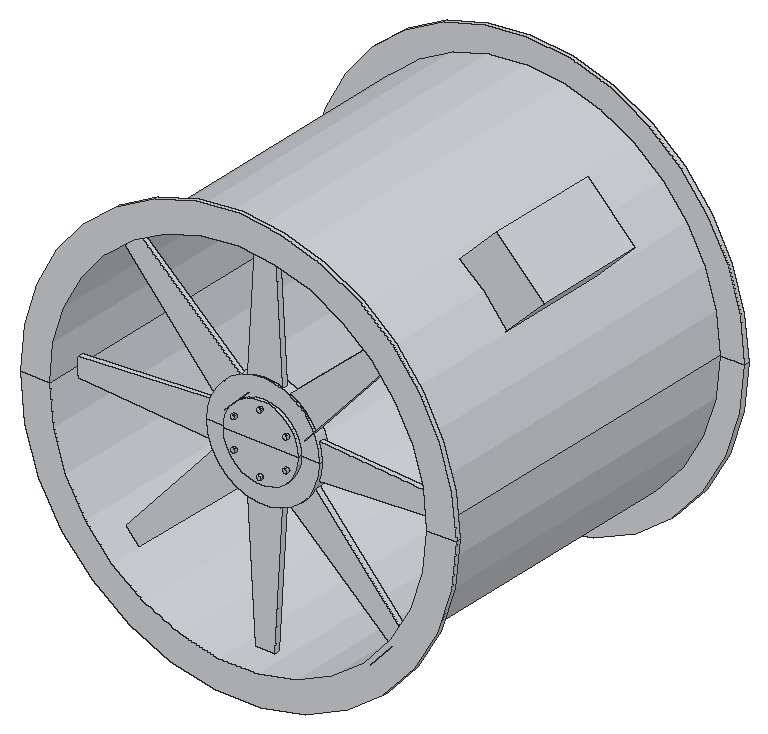
Revit family "CADS_Vent-Axia_MechEquip_Fan_LCA_450_3Ph4P - SUPPLY", category Mechanical Equipment, Revit 2020
Family settings
  Round Connector Dimension = Use Diameter
  Part Type = Normal
  OmniClass Number = 23.75.00.00
  OmniClass Title = Climate Control (HVAC)
  Work Plane-Based = No
  Always vertical = Yes
  Cut with Voids When Loaded = No
  Shared = No
  Room Calculation Point = No
Parameters (values of type "LCA453410")
  nr = NominalDiameter / 2  # 225 mm
  WorkingPressure = 0.0 Pa
  WarrantyStartDate [instance] = "1900-12-31T23:59:59"
  WarrantyPeriod = ""
  WarrantyIdentifier = "N/A"
  WarrantyGuarantorParts = "tech@vent-axia.com"
  WarrantyGuarantorLabor = "tech@vent-axia.com"
  WarrantyGuarantor = "Vent-Axia Limited"
  WarrantyEndDate [instance] = "1900-12-31T23:59:59"
  WarrantyContent = ""
  TemperatureRange = ""
  TagNumber [instance] = "N/A"
  SustainabilityPerformance = ""
  Status = "New"
  Size = ""
  Shape = ""
  ServiceLifeType = ""
  ServiceLifeDuration = ""
  SerialNumber [instance] = "N/A"
  ReplacementCost = ""
  RatedVoltage = 0 V
  RatedCurrent = 0 A
  Quantity = 1
  ProductionYear = ""
  PressureCurve = ""
  PowerFactor = ""
  PointOfContact = ""
  NumberOfPoles = 0
  NominalWidth = 450 mm
  NominalLength = 435 mm
  NominalHeight = 450 mm
  NominalFrequencyRange = ""
  NominalDiameter = 450 mm
  ModelReference = "LCAX 450mm 3PH 4P 10DEG"
  ModelNumber = "LCA453410"
  Material = ""
  ManufacturerE-Mail = "tech@vent-axia.com"
  ManufacturerAddress = "Fleming Way\nCrawley \nRH10 9YX"
  IsExtendedWarranty = no
  InsulationStandardClass = ""
  InstallationDate [instance] = "1900-12-31T23:59:59"
  IfcExportType [instance] = ""
  IfcExportAs = "IfcFanType"
  IP_Code = ""
  HasProtectiveEarth = no
  GrossWeight = 0.00 kg
  Grade = ""
  GlobalTradeItemNumber [instance] = "N/A"
  Fitting Type = "Ignore"
  Finish = ""
  Features = ""
  ExteriorInsulation = no
  ExpectedServiceLife = 0
  Exclusions = ""
  DurationUnit = "Year"
  Default Elevation = 0 mm
  Constituents = ""
  ConductorFunction = ""
  Color = ""
  CodePerformance = ""
  Category = ""
  CADS_Usage = 0
  CADS_Index = 0
  AssetType = "FIXED"
  AssetIdentifier [instance] = "N/A"
  AssemblyPlace = "UNKNOWN"
  ArticleNumber [instance] = "N/A"
  AirflowRateRange = 0.0 L/s
  Air Flow [instance] = 0.0 L/s
  AccessibilityPerformance = ""
Types (16, lengths in mm): name | ModelReference | ModelNumber
  LCA453410 | "LCAX 450mm 3PH 4P 10DEG" | "LCA453410"
  LCA453412 | "LCAX 450mm 3PH 4P 12DEG" | "LCA453412"
  LCA453414 | "LCAX 450mm 3PH 4P 14DEG" | "LCA453414"
  LCA453416 | "LCAX 450mm 3PH 4P 16DEG" | "LCA453416"
  LCA453418 | "LCAX 450mm 3PH 4P 18DEG" | "LCA453418"
  LCA453420 | "LCAX 450mm 3PH 4P 20DEG" | "LCA453420"
  LCA453422 | "LCAX 450mm 3PH 4P 22DEG" | "LCA453422"
  LCA453424 | "LCAX 450mm 3PH 4P 24DEG" | "LCA453424"
  LCA453426 | "LCAX 450mm 3PH 4P 26DEG" | "LCA453426"
  LCA453428 | "LCAX 450mm 3PH 4P 28DEG" | "LCA453428"
  LCA453430 | "LCAX 450mm 3PH 4P 30DEG" | "LCA453430"
  LCA453432 | "LCAX 450mm 3PH 4P 32DEG" | "LCA453432"
  LCA453434 | "LCAX 450mm 3PH 4P 34DEG" | "LCA453434"
  LCA453436 | "LCAX 450mm 3PH 4P 36DEG" | "LCA453436"
  LCA453438 | "LCAX 450mm 3PH 4P 38DEG" | "LCA453438"
  LCA453440 | "LCAX 450mm 3PH 4P 40DEG" | "LCA453440"
Reference planes
  plane 1 "Center (Front/Back)": y = 0
  plane 2: z = 0
  plane 3 "Center (Left/Right)": x = 0
  plane 4: x = -225
  plane 5: x = 225
  plane 6 "F": y = -217.5
  plane 7 "B": y = 217.5
  plane 8: x = -260
  plane 9: y = 212.5
  plane 10: y = -212.5
  plane 11: x = -230
  plane 12: y = -177.5
  plane 13 "top": z = 225
  plane 14: z = -225
  plane 15 "45deg": through (0, -1524, 0) normal (-0.7071, 0, -0.7071)
  plane 16 "C": through (0, -1524, 0) normal (-0.7071, 0, 0.7071)
Forms (mm)
  Revolve 1, solid
    sketch origin (0, 0, 0) x (1, 0, 0) y (0, 1, 0)
      loop
        line (-260, -217.5) -> (-225, -217.5) -> (-225, 217.5) -> (-260, 217.5) -> (-260, 212.5) -> (-230, 212.5) -> (-230, -212.5) -> (-260, -212.5) -> (-260, -217.5)
      axis (0, 217.5) -> (0, -217.5)
    angle from 0 to 360
  Sweep 2, solid
    path origin (0, 0, 0) x (1, 0, 0) y (0, 0, 1)
      loop
        line (159.099, 159.099) -> (205.061, 205.061)
    profile origin (182.08, 0, 182.08) x (-0.707107, 0, 0.707107) y (0, -1, 0)
      loop
        line (37.5, 55) -> (-42.73, 55) -> (-42.73, -79.5) -> (37.5, -79.5) -> (37.5, 55)
Dimensions and locks
  equal spacing: plane 4, plane 3 "Center (Left/Right)", plane 5
  equal spacing: plane 7 "B", plane 1 "Center (Front/Back)", plane 6 "F"
  "NominalLength": plane 7 "B" to plane 6 "F"
  "NominalDiameter": plane 4 to plane 5
  locked: plane 11 to plane 4 at 5
  locked: plane 8 to plane 11 at 30
  locked: plane 6 "F" to plane 10 at 5
  locked: plane 7 "B" to plane 9 at 5
  locked: plane 6 "F" to plane 12 at 40
  equal spacing: plane 13 "top", level, plane 14
  "NominalDiameter": plane 13 "top" to plane 14
  "nr": Sweep 2 sketch curve to nested 13
  Sweep 2 sketch curve to Sweep 2 sketch curve = 65 mm
  aligned and locked: level to plane 2
  aligned and locked: nested 1 to plane 12
Automatic sketch dimensions
  plane 6 "F" to Revolve 1 sketch curve = 0 mm
  Revolve 1 sketch curve to plane 8 = 0 mm  (x2)
  plane 10 to Revolve 1 sketch curve = 0 mm
  Revolve 1 sketch curve to plane 11 = 0 mm
  Revolve 1 sketch curve to plane 4 = 0 mm
  Revolve 1 sketch curve to plane 3 "Center (Left/Right)" = 0 mm
  plane 1 "Center (Front/Back)" to Revolve 1 sketch curve = 0 mm
  Revolve 1 sketch curve to plane 9 = 0 mm
  Revolve 1 sketch curve to plane 7 "B" = 0 mm
  plane 6 "F" to Revolve 1 sketch curve = 115 mm
  plane 1 "Center (Front/Back)" to Sweep 2 sketch curve = 55 mm
  Sweep 2 sketch curve to profile plane = 37.5 mm
  Sweep 2 sketch curve to Sweep 2 sketch curve = 80.23 mm
  Sweep 2 sketch curve to Sweep 2 sketch curve = 134.5 mm
  Sweep 2 sketch curve to plane 16 "C" = 0 mm  (x2)
Nested families
  nested 1: "Fan for ESC" at (0, -177.5, 0), ND <- "NominalDiameter", type "Fan for ESC"
    with hub 45 mm, ND 450 mm, BoltPCD 36 mm, Bolt Count 6, B_Diam 5 mm
  nested 2: "Bolts" at (31.177, -186.672, -18) x (-0.5, 0, -0.866) z (0, 1, 0), type "Bolts"
    with bd 5 mm
  nested 3: "Bolts" at (0, -186.672, -36) x (-1, 0, 0) z (0, 1, 0), type "Bolts"
    with bd 5 mm
  nested 4: "Bolts" at (-31.177, -186.672, -18) x (-0.5, 0, 0.866) z (0, 1, 0), type "Bolts"
    with bd 5 mm
  nested 5: "Bolts" at (-31.177, -186.672, 18) x (0.5, 0, 0.866) z (0, 1, 0), type "Bolts"
    with bd 5 mm
  nested 6: "Bolts" at (31.177, -186.672, 18) x (0.5, 0, -0.866) z (0, 1, 0), type "Bolts"
    with bd 5 mm
  nested 7: "Bolts" at (0, -186.672, 36) x (1, 0, 0) z (0, 1, 0), type "Bolts"
    with bd 5 mm
  nested 8: "ESC Blade" at (0, -177.5, 0), type "ESC Blade"
    with a 20.00°, HR 45 mm, HD 90 mm, BT 22.5 mm, BR 180 mm, BH 40 mm, BD 450 mm, BB 45 mm
  nested 9: "ESC Blade" at (0, -177.5, 0) x (0.7071, 0, -0.7071) z (0.7071, 0, 0.7071), type "ESC Blade"
    with a 20.00°, HR 45 mm, HD 90 mm, BT 22.5 mm, BR 180 mm, BH 40 mm, BD 450 mm, BB 45 mm
  nested 10: "ESC Blade" at (0, -177.5, 0) x (0, 0, -1) z (1, 0, 0), type "ESC Blade"
    with a 20.00°, HR 45 mm, HD 90 mm, BT 22.5 mm, BR 180 mm, BH 40 mm, BD 450 mm, BB 45 mm
  nested 11: "ESC Blade" at (0, -177.5, 0) x (-0.7071, 0, -0.7071) z (0.7071, 0, -0.7071), type "ESC Blade"
    with a 20.00°, HR 45 mm, HD 90 mm, BT 22.5 mm, BR 180 mm, BH 40 mm, BD 450 mm, BB 45 mm
  nested 12: "ESC Blade" at (0, -177.5, 0) x (-1, 0, 0) z (0, 0, -1), type "ESC Blade"
    with a 20.00°, HR 45 mm, HD 90 mm, BT 22.5 mm, BR 180 mm, BH 40 mm, BD 450 mm, BB 45 mm
  nested 13: "ESC Blade" at (0, -177.5, 0) x (-0.7071, 0, -0.7071) z (-0.7071, 0, 0.7071), type "ESC Blade"
    with a 20.00°, HR 45 mm, HD 90 mm, BT 22.5 mm, BR 180 mm, BH 40 mm, BD 450 mm, BB 45 mm
  nested 14: "ESC Blade" at (0, -177.5, 0) x (0, 0, -1) z (-1, 0, 0), type "ESC Blade"
    with a 20.00°, HR 45 mm, HD 90 mm, BT 22.5 mm, BR 180 mm, BH 40 mm, BD 450 mm, BB 45 mm
  nested 15: "ESC Blade" at (0, -177.5, 0) x (0.7071, 0, -0.7071) z (-0.7071, 0, -0.7071), type "ESC Blade"
    with a 20.00°, HR 45 mm, HD 90 mm, BT 22.5 mm, BR 180 mm, BH 40 mm, BD 450 mm, BB 45 mm
Connectors
  hvac at (0, -217.5, 0), driven by "NominalDiameter", driven by "Air Flow"
    settings: on Revolve 1, index 1, duct flow 0.0 L/s, flow factor 0, pres drop 0.0 Pa, loss coef 0, conn angle 0.00°, conn width 304.8 mm, conn height 304.8 mm, conn diameter 450 mm, duct sys type 1, conn prof type 0, flow config 1, flow direction 1, loss method 0, conn ref index -1, conn util no, is conn primary yes, conn desc ""
  hvac at (0, 217.5, 0), driven by "NominalDiameter", driven by "Air Flow"
    settings: on Revolve 1, index 2, duct flow 0.0 L/s, flow factor 0, pres drop 0.0 Pa, loss coef 0, conn angle 0.00°, conn width 304.8 mm, conn height 304.8 mm, conn diameter 450 mm, duct sys type 1, conn prof type 0, flow config 0, flow direction 2, loss method 0, conn ref index -1, conn util no, is conn primary no, conn desc ""
Definition of nested family "Fan for ESC"
  Parameters (values of type "Fan for ESC")
    hub [instance] = ND / 10  # 56.7 mm
    ND [instance] = 567 mm
    Model = "."
    Default Elevation = 0 mm
    BoltPCD [instance] = hub - (hub * 0.2)  # 45.36 mm
    Bolt Count [instance] = if(hub < 50 mm, 6, 8)  # 8
    B_Diam [instance] = if(hub < 50 mm, 5 mm, 10 mm)  # 10 mm
  Reference planes
    plane 1 "Center (Front/Back)": y = 0
    plane 2: z = 0
    plane 3 "Center (Left/Right)": x = 0
    plane 4 "back": y = 20
    plane 5 "bolts": y = -9.172
    plane 6 "B": z = 56.7
    plane 7: x = -79.287
    plane 8: x = -56.7
    plane 9 "hubface": y = -6.172
  Forms (mm)
    Revolve 1, solid
      sketch origin (0, 0, 0) x (1, 0, 0) y (0, 1, 0)
        loop
          line (0, 20) -> (-56.7, 20) -> (-56.7, 10.504) -> (-79.287, 10.504) -> (-79.287, -2.597) -> (-56.7, -2.597) -> (-56.7, -6.172) -> (0, -6.172) -> (0, 20)
        axis (0, 20) -> (0, -6.172)
      angle from 0 to 360
    Extrusion 2, solid, not visible
      sketch origin (0, -6.347, -4) x (-1, 0, 0) y (0, 0, 1)
        loop
          circle (0, 84) r 5
      from 0 to 3
  Lines and regions (mm)
    symbolic lines
      curve 1: circle (0, -9.172, 0) r 45.36 normal (0, 1, 0)
    model lines, not visible
      curve 2: line (0, -6.347, 85) -> (0, -6.347, 75)
  Dimensions and locks
    "hub": plane 6 "B" to plane 2
    "hub": nested 3 to plane 3 "Center (Left/Right)"
    "hub": nested 4 to plane 3 "Center (Left/Right)"
    "hub": nested 5 to plane 3 "Center (Left/Right)"
    "hub": plane 3 "Center (Left/Right)" to nested 6
    "hub": Revolve 1 sketch curve to Revolve 1 sketch curve
    "hub": plane 3 "Center (Left/Right)" to nested 7
    "hub": plane 3 "Center (Left/Right)" to nested 8
    "hub": plane 3 "Center (Left/Right)" to nested 9
    "hub": plane 8 to plane 3 "Center (Left/Right)"
    plane 7 to plane 8 = 22.587 mm
    diameter of Extrusion 2 sketch curve = 10 mm
    "BoltPCD": radius of curve 1
    "BoltPCD": radius of radial array
    aligned and locked: level to plane 2
    aligned and locked: plane 6 "B" to nested 1
  Automatic sketch dimensions
    Revolve 1 sketch curve to plane 7 = 0 mm
    Revolve 1 sketch curve to plane 8 = 0 mm  (x2)
    Revolve 1 sketch curve to plane 3 "Center (Left/Right)" = 0 mm
    Revolve 1 sketch curve to plane 9 "hubface" = 0 mm
    plane 4 "back" to Revolve 1 sketch curve = 0 mm
    plane 1 "Center (Front/Back)" to Revolve 1 sketch curve = 2.597 mm
    plane 4 "back" to Revolve 1 sketch curve = 9.496 mm
    Revolve 1 sketch curve to Revolve 1 sketch curve = 5 mm
    Revolve 1 sketch curve to plane 4 "back" = 45 mm
    curve 1 to level = 0 mm
    curve 1 to plane 3 "Center (Left/Right)" = 0 mm
  Nested families
    nested 1: "ESC Blade" at (0, 0, 0), BD <- "ND", HD <- "hub", type "ESC Blade"
      with a 20.00°, HR 56.7 mm, HD 113.4 mm, BT 28.35 mm, BR 226.8 mm, BH 40 mm, BD 567 mm, BB 56.7 mm
    nested 2: "ESC Blade" at (0, 0, 755), BD <- "ND", HD <- "hub", type "ESC Blade", not visible
      with a 20.00°, HR 56.7 mm, HD 113.4 mm, BT 28.35 mm, BR 226.8 mm, BH 40 mm, BD 567 mm, BB 56.7 mm
    nested 3: "ESC Blade" at (0, 0, 0) x (0.7071, 0, -0.7071) z (0.7071, 0, 0.7071), BD <- "ND", HD <- "hub", type "ESC Blade"
      with a 20.00°, HR 56.7 mm, HD 113.4 mm, BT 28.35 mm, BR 226.8 mm, BH 40 mm, BD 567 mm, BB 56.7 mm
    nested 4: "ESC Blade" at (0, 0, 0) x (0, 0, -1) z (1, 0, 0), BD <- "ND", HD <- "hub", type "ESC Blade"
      with a 20.00°, HR 56.7 mm, HD 113.4 mm, BT 28.35 mm, BR 226.8 mm, BH 40 mm, BD 567 mm, BB 56.7 mm
    nested 5: "ESC Blade" at (0, 0, 0) x (-0.7071, 0, -0.7071) z (0.7071, 0, -0.7071), BD <- "ND", HD <- "hub", type "ESC Blade"
      with a 20.00°, HR 56.7 mm, HD 113.4 mm, BT 28.35 mm, BR 226.8 mm, BH 40 mm, BD 567 mm, BB 56.7 mm
    nested 6: "ESC Blade" at (0, 0, 0) x (-1, 0, 0) z (0, 0, -1), BD <- "ND", HD <- "hub", type "ESC Blade"
      with a 20.00°, HR 56.7 mm, HD 113.4 mm, BT 28.35 mm, BR 226.8 mm, BH 40 mm, BD 567 mm, BB 56.7 mm
    nested 7: "ESC Blade" at (0, 0, 0) x (-0.7071, 0, -0.7071) z (-0.7071, 0, 0.7071), BD <- "ND", HD <- "hub", type "ESC Blade"
      with a 20.00°, HR 56.7 mm, HD 113.4 mm, BT 28.35 mm, BR 226.8 mm, BH 40 mm, BD 567 mm, BB 56.7 mm
    nested 8: "ESC Blade" at (0, 0, 0) x (0, 0, -1) z (-1, 0, 0), BD <- "ND", HD <- "hub", type "ESC Blade"
      with a 20.00°, HR 56.7 mm, HD 113.4 mm, BT 28.35 mm, BR 226.8 mm, BH 40 mm, BD 567 mm, BB 56.7 mm
    nested 9: "ESC Blade" at (0, 0, 0) x (0.7071, 0, -0.7071) z (-0.7071, 0, -0.7071), BD <- "ND", HD <- "hub", type "ESC Blade"
      with a 20.00°, HR 56.7 mm, HD 113.4 mm, BT 28.35 mm, BR 226.8 mm, BH 40 mm, BD 567 mm, BB 56.7 mm
    nested 10: "Bolts" at (0, -9.172, 45.36) x (1, 0, 0) z (0, 1, 0), bd <- "B_Diam", type "Bolts"
      with bd 10 mm
    nested 11: "Bolts" at (32.074, -9.172, 32.074) x (0.7071, 0, -0.7071) z (0, 1, 0), bd <- "B_Diam", type "Bolts"
      with bd 10 mm
    nested 12: "Bolts" at (-32.074, -9.172, 32.074) x (0.7071, 0, 0.7071) z (0, 1, 0), bd <- "B_Diam", type "Bolts"
      with bd 10 mm
    nested 13: "Bolts" at (-45.36, -9.172, 0) x (0, 0, 1) z (0, 1, 0), bd <- "B_Diam", type "Bolts"
      with bd 10 mm
    nested 14: "Bolts" at (-32.074, -9.172, -32.074) x (-0.7071, 0, 0.7071) z (0, 1, 0), bd <- "B_Diam", type "Bolts"
      with bd 10 mm
    nested 15: "Bolts" at (0, -9.172, -45.36) x (-1, 0, 0) z (0, 1, 0), bd <- "B_Diam", type "Bolts"
      with bd 10 mm
    nested 16: "Bolts" at (32.074, -9.172, -32.074) x (-0.7071, 0, -0.7071) z (0, 1, 0), bd <- "B_Diam", type "Bolts"
      with bd 10 mm
    nested 17: "Bolts" at (45.36, -9.172, 0) x (0, 0, -1) z (0, 1, 0), bd <- "B_Diam", type "Bolts"
      with bd 10 mm
  Definition of nested family "ESC Blade"
    Parameters (values of type "ESC Blade")
      a [instance] = 20.00°
      HR [instance] = HD / 2  # 30 mm
      HD [instance] = BD / 5  # 60 mm
      Default Elevation = 1219.2 mm
      BT [instance] = BD / 20  # 15 mm
      BR [instance] = (BD / 2) - HR  # 120 mm
      BH [instance] = 40 mm
      BD [instance] = 300 mm
      BB [instance] = BD / 10  # 30 mm
    Reference planes
      plane 1 "Center (Front/Back)": y = 0
      plane 2: z = 0
      plane 3 "Center (Left/Right)": x = 0
      plane 4 "Blade Bot": z = 30
      plane 5: x = -15
      plane 6: x = 15
      plane 7: x = -7.5
      plane 8: x = 7.5
    Forms (mm)
      Blend 1, solid
        base sketch origin (0, 0, 30) x (-1, 0, 0) y (0, -1, 0)
          loop
            line (15, 0) -> (-15, 0) -> (-15, -6) -> (15, -6) -> (15, 0)
        top sketch origin (0, 0, 30) x (-1, 0, 0) y (0, -1, 0)
          loop
            line (7.5, -6) -> (7.5, 0) -> (-7.5, 0) -> (-7.5, -6) -> (7.5, -6)
        from 0 to 120 <- "BR"
    Dimensions and locks
      "HR": plane 4 "Blade Bot" to level
      equal spacing: plane 8, plane 3 "Center (Left/Right)", plane 7
      "BT": plane 8 to plane 7
      equal spacing: plane 6, plane 3 "Center (Left/Right)", plane 5
      "BB": plane 6 to plane 5
      aligned and locked: level to plane 2
    Automatic sketch dimensions
      plane 1 "Center (Front/Back)" to Blend 1 sketch curve = 0 mm  (x2)
      Blend 1 sketch curve to plane 6 = 0 mm
      Blend 1 sketch curve to plane 5 = 0 mm
      Blend 1 sketch curve to plane 1 "Center (Front/Back)" = 6 mm  (x2)
      Blend 1 sketch curve to plane 8 = 0 mm
      Blend 1 sketch curve to plane 7 = 0 mm
  Definition of nested family "Bolts"
    Parameters
      bd [instance] = 10 mm
      Default Elevation = 1219.2 mm
    Reference planes
      plane 1 "Center (Front/Back)": y = 0
      plane 2: z = 0
      plane 3 "Center (Left/Right)": x = 0
    Forms (mm)
      Extrusion 1, solid
        sketch origin (0, 0, 0) x (1, 0, 0) y (0, 1, 0)
          loop
            line (-1219.2, 1219.2) -> (-1219.2, -1219.2) -> (1219.2, -1219.2) -> (1219.2, 1219.2) -> (-1219.2, 1219.2)
        from 0 to -304.8
      Extrusion 2, solid
        sketch origin (0, 0, 0) x (1, 0, 0) y (0, 1, 0)
          loop
            circle (0, 0) r 5
        from 0 to 3
    Dimensions and locks
      "bd": diameter of Extrusion 2 sketch curve
      aligned and locked: plane 2 to Extrusion 1
      aligned and locked: level to Extrusion 1
    Automatic sketch dimensions
      Extrusion 1 sketch curve to Extrusion 1 sketch curve = 2438.4 mm  (x2)
      plane 1 "Center (Front/Back)" to Extrusion 2 sketch curve = 0 mm
      Extrusion 2 sketch curve to plane 3 "Center (Left/Right)" = 0 mm
Definition of nested family "Bolts"
  Parameters
    bd [instance] = 10 mm
    Default Elevation = 1219.2 mm
  Reference planes
    plane 1 "Center (Front/Back)": y = 0
    plane 2: z = 0
    plane 3 "Center (Left/Right)": x = 0
  Forms (mm)
    Extrusion 1, solid
      sketch origin (0, 0, 0) x (1, 0, 0) y (0, 1, 0)
        loop
          line (-1219.2, 1219.2) -> (-1219.2, -1219.2) -> (1219.2, -1219.2) -> (1219.2, 1219.2) -> (-1219.2, 1219.2)
      from 0 to -304.8
    Extrusion 2, solid
      sketch origin (0, 0, 0) x (1, 0, 0) y (0, 1, 0)
        loop
          circle (0, 0) r 5
      from 0 to 3
  Dimensions and locks
    "bd": diameter of Extrusion 2 sketch curve
    aligned and locked: plane 2 to Extrusion 1
    aligned and locked: level to Extrusion 1
  Automatic sketch dimensions
    Extrusion 1 sketch curve to Extrusion 1 sketch curve = 2438.4 mm  (x2)
    plane 1 "Center (Front/Back)" to Extrusion 2 sketch curve = 0 mm
    Extrusion 2 sketch curve to plane 3 "Center (Left/Right)" = 0 mm
Definition of nested family "ESC Blade"
  Parameters (values of type "ESC Blade")
    a [instance] = 20.00°
    HR [instance] = HD / 2  # 30 mm
    HD [instance] = BD / 5  # 60 mm
    Default Elevation = 1219.2 mm
    BT [instance] = BD / 20  # 15 mm
    BR [instance] = (BD / 2) - HR  # 120 mm
    BH [instance] = 40 mm
    BD [instance] = 300 mm
    BB [instance] = BD / 10  # 30 mm
  Reference planes
    plane 1 "Center (Front/Back)": y = 0
    plane 2: z = 0
    plane 3 "Center (Left/Right)": x = 0
    plane 4 "Blade Bot": z = 30
    plane 5: x = -15
    plane 6: x = 15
    plane 7: x = -7.5
    plane 8: x = 7.5
  Forms (mm)
    Blend 1, solid
      base sketch origin (0, 0, 30) x (-1, 0, 0) y (0, -1, 0)
        loop
          line (15, 0) -> (-15, 0) -> (-15, -6) -> (15, -6) -> (15, 0)
      top sketch origin (0, 0, 30) x (-1, 0, 0) y (0, -1, 0)
        loop
          line (7.5, -6) -> (7.5, 0) -> (-7.5, 0) -> (-7.5, -6) -> (7.5, -6)
      from 0 to 120 <- "BR"
  Dimensions and locks
    "HR": plane 4 "Blade Bot" to level
    equal spacing: plane 8, plane 3 "Center (Left/Right)", plane 7
    "BT": plane 8 to plane 7
    equal spacing: plane 6, plane 3 "Center (Left/Right)", plane 5
    "BB": plane 6 to plane 5
    aligned and locked: level to plane 2
  Automatic sketch dimensions
    plane 1 "Center (Front/Back)" to Blend 1 sketch curve = 0 mm  (x2)
    Blend 1 sketch curve to plane 6 = 0 mm
    Blend 1 sketch curve to plane 5 = 0 mm
    Blend 1 sketch curve to plane 1 "Center (Front/Back)" = 6 mm  (x2)
    Blend 1 sketch curve to plane 8 = 0 mm
    Blend 1 sketch curve to plane 7 = 0 mm
